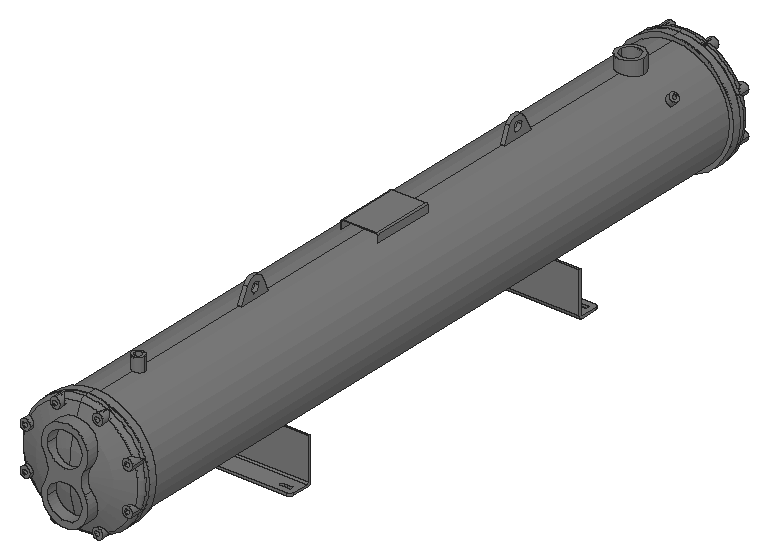
Revit family "MIT-BC_340_4P", category Specialty Equipment, Revit 2022
Family settings
  Round Connector Dimension = Use Radius
  Part Type = Normal
  Work Plane-Based = No
  Always vertical = Yes
  Cut with Voids When Loaded = No
  Maintain Annotation Orientation = No
  Shared = No
  Room Calculation Point = No
Parameters
  URL = "https://en.ekinendustriyel.com/evaporators-and-condensers"
  Test Pressure = 64.35 bar
  Production Standard = "TS EN 13831"
  Operating Pressure = 45.0 bar
  Model = "MIT-BC 340_4P"
  Manufacturer = "Ekin Endüstriyel"
  Keynote = "Condensers"
  Description = "MIT- Condensers"
  Default Elevation = 0 mm
Reference planes
  plane 1 "Center (Front/Back)": y = 0
  plane 2: z = 0
  plane 3 "Center (Left/Right)": x = 0
Forms (mm)
  Extrusion 1, solid, material "Ekin Endustriyel-S235JR", detail levels medium+fine
    sketch origin (0, 0, 0) x (1, 0, 0) y (0, 0, 1)
      loop
        circle (0, 216.5) r 136.55
    from -880 to 880
  Extrusion 2, solid, material "Ekin Endustriyel-S235JR", detail levels fine
    sketch origin (0, 0, 109.887) x (1, 0, 0) y (0, 0, 1)
      loop
        line (-45, 235.88) -> (-44, 235.88) -> (-44, 252.88)
        arc (-44, 252.88) -> (-43.414, 254.294) -> (-42, 254.88) r 2
        line (-42, 254.88) -> (42, 254.88)
        arc (42, 254.88) -> (43.414, 254.294) -> (44, 252.88) r 2
        line (44, 252.88) -> (44, 235.88) -> (45, 235.88) -> (45, 252.88)
        arc (45, 252.88) -> (44.121, 255.002) -> (42, 255.88) r 3
        line (42, 255.88) -> (-42, 255.88)
        arc (-42, 255.88) -> (-44.121, 255.002) -> (-45, 252.88) r 3
        line (-45, 252.88) -> (-45, 235.88)
    from -75 to 75
  Extrusion 3, solid, material "Ekin Endustriyel-S235JR", detail levels fine
    sketch origin (0, 500.19, 28.671) x (1, 0, 0) y (0, 1, 0)
      loop
        circle (0, 249.81) r 32.5
      loop
        circle (0, 249.81) r 23.144
    from 354.329 to 306.293
  Extrusion 4, solid, material "Ekin Endustriyel-S235JR", detail levels fine
    sketch origin (0, -499.666, 25.55) x (1, 0, 0) y (0, 1, 0)
      loop
        circle (0, -250.334) r 15
      loop
        circle (0, -250.334) r 8.928
    from 357.653 to 211.07
  Extrusion 5, solid, material "Ekin Endustriyel-S235JR", detail levels fine
    sketch origin (71.72, 749.856, 264.541) x (0, 1, 0) y (-0.707107, 0, 0.707107)
      loop
        circle (0.144, 16.744) r 11
      loop
        circle (0.144, 16.744) r 6.244
    from 66.816 to -32.02
  Extrusion 6, solid, material "Ekin Endustriyel-S235JR", detail levels fine
    sketch origin (0, -500.291, 0) x (1, 0, 0) y (0, 1, 0)
      loop
        circle (0, -249.709) r 25
      loop
        circle (0, -249.709) r 20.109
    from 50 to 169.15
  Extrusion 7, solid, material "Ekin Endustriyel-S235JR", detail levels coarse
    sketch origin (0, 0, 12.15) x (1, 0, 0) y (0, 0, 1)
      loop
        circle (0, 204.35) r 147.5
    from -953 to 963
  Extrusion 8, solid, material "Ekin Endustriyel-S235JR"
    sketch origin (0, -275.334, 0) x (0, -1, 0) y (0, 0, -1)
      loop
        line (134.666, -9) -> (134.666, -110) -> (139.666, -110) -> (139.666, -9)
        arc (139.666, -9) -> (140.837, -6.172) -> (143.666, -5) r 4
        line (143.666, -5) -> (194.666, -5) -> (194.666, 0) -> (143.666, 0)
        arc (143.666, 0) -> (137.302, -2.636) -> (134.666, -9) r 9
    from -147.5 to 147.5
  Extrusion 9, void
    sketch origin (0, -470, 5) x (0, 1, 0) y (-1, 0, 0)
      loop
        arc (25.25, -111) -> (20, -105.75) -> (14.75, -111) r 5.25
        line (14.75, -111) -> (14.75, -131)
        arc (14.75, -131) -> (20, -136.25) -> (25.25, -131) r 5.25
        line (25.25, -131) -> (25.25, -111)
      loop
        arc (10, -147.5) -> (2.929, -144.571) -> (0, -137.5) r 10
        line (0, -137.5) -> (0, 137.5)
        arc (0, 137.5) -> (2.929, 144.571) -> (10, 147.5) r 10
        line (10, 147.5) -> (-10, 147.5) -> (-10, -147.5) -> (10, -147.5)
      loop
        line (14.75, 131) -> (14.75, 111)
        arc (14.75, 111) -> (20, 105.75) -> (25.25, 111) r 5.25
        line (25.25, 111) -> (25.25, 131)
        arc (25.25, 131) -> (20, 136.25) -> (14.75, 131) r 5.25
    from -5 to 0
  Extrusion 10, solid, material "Ekin Endustriyel-S235JR", detail levels medium+fine
    sketch origin (40, -549.666, 12.133) x (1, 0, 0) y (0, 0, 1)
      loop
        circle (-40, 261.867) r 42.65
      loop
        circle (-40, 146.867) r 42.65
      loop
        arc (7.514, 231.018) -> (-40, 318.517) -> (-87.514, 231.018) r 56.65
        arc (-87.514, 231.018) -> (-80.172, 204.367) -> (-87.514, 177.716) r 52.041
        arc (-87.514, 177.716) -> (-40, 90.217) -> (7.514, 177.716) r 56.65
        arc (7.514, 177.716) -> (0.172, 204.367) -> (7.514, 231.018) r 52.041
    from 390.526 to 423.361
  Extrusion 11, solid, material "Ekin Endustriyel-S235JR", detail levels medium+fine
    sketch origin (0, -549.666, 12.133) x (1, 0, 0) y (0, 0, -1)
      loop
        circle (-51.638, -329.097) r 12.5
      loop
        circle (-51.662, -329.09) r 6.25
      loop
        circle (51.638, -329.097) r 12.5
      loop
        circle (51.662, -329.09) r 6.25
      loop
        circle (-51.638, -79.637) r 12.5
      loop
        circle (-51.662, -79.643) r 6.25
      loop
        circle (51.638, -79.637) r 12.5
      loop
        circle (51.662, -79.643) r 6.25
      loop
        circle (-124.73, -152.728) r 12.5
      loop
        circle (-124.724, -152.704) r 6.25
      loop
        circle (-124.73, -256.005) r 12.5
      loop
        circle (-124.724, -256.029) r 6.25
      loop
        circle (124.73, -152.728) r 12.5
      loop
        circle (124.724, -152.704) r 6.25
      loop
        circle (124.73, -256.005) r 12.5
      loop
        circle (124.724, -256.029) r 6.25
    from -388.334 to -355.334
  Extrusion 12, solid, material "Ekin Endustriyel-S235JR", detail levels fine
    sketch origin (0, -0.334, 79.238) x (0, -1, 0) y (0, 0, -1)
      loop
        line (-440.334, -273.721) -> (-422.806, -309.676)
        arc (-422.806, -309.676) -> (-400.334, -323.721) -> (-377.863, -309.676) r 25
        line (-377.863, -309.676) -> (-360.334, -273.721) -> (-440.334, -273.721)
      loop
        circle (-400.334, -298.721) r 12.5
      loop
        line (439.666, -273.721) -> (359.666, -273.721) -> (377.194, -309.676)
        arc (377.194, -309.676) -> (399.666, -323.721) -> (422.137, -309.676) r 25
        line (422.137, -309.676) -> (439.666, -273.721)
      loop
        circle (399.666, -298.721) r 12.5
    from -5 to 5
  Extrusion 13, solid, material "Ekin Endustriyel-S235JR", detail levels medium+fine
    sketch origin (0, -549.666, 12.133) x (1, 0, 0) y (0, 0, 1)
      loop
        circle (0, 204.367) r 147.5
    from 330.334 to 350.334
  Revolve 14, solid, material "Ekin Endustriyel-S235JR", detail levels medium+fine
    sketch origin (0, -549.666, 12.133) x (0, 1, 0) y (0, 0, 1)
      loop
        line (-350.334, 351.867) -> (-361.403, 351.867)
        arc (-361.403, 351.867) -> (-369.114, 349.693) -> (-374.553, 343.811) r 14.761
        arc (-374.553, 343.811) -> (-399.668, 276.073) -> (-408.463, 204.367) r 310.769
        line (-408.463, 204.367) -> (-350.334, 204.367) -> (-350.334, 351.867)
      axis (-350.334, 204.367) -> (-408.463, 204.367)
    angle from 0 to 360
  Extrusion 15, solid, material "Ekin Endustriyel-S235JR"
    sketch origin (0, 275.334, 0) x (0, 1, 0) y (0, 0, 1)
      loop
        arc (134.666, 9) -> (137.302, 2.636) -> (143.666, 0) r 9
        line (143.666, 0) -> (194.666, 0) -> (194.666, 5) -> (143.666, 5)
        arc (143.666, 5) -> (140.837, 6.172) -> (139.666, 9) r 4
        line (139.666, 9) -> (139.666, 110) -> (134.666, 110) -> (134.666, 9)
    from -147.5 to 147.5
  Extrusion 16, void
    sketch origin (0, 470, 5) x (0, -1, 0) y (1, 0, 0)
      loop
        line (25.25, 111) -> (25.25, 131)
        arc (25.25, 131) -> (20, 136.25) -> (14.75, 131) r 5.25
        line (14.75, 131) -> (14.75, 111)
        arc (14.75, 111) -> (20, 105.75) -> (25.25, 111) r 5.25
      loop
        line (10, 147.5) -> (-10, 147.5) -> (-10, -147.5) -> (10, -147.5)
        arc (10, -147.5) -> (2.929, -144.571) -> (0, -137.5) r 10
        line (0, -137.5) -> (0, 137.5)
        arc (0, 137.5) -> (2.929, 144.571) -> (10, 147.5) r 10
      loop
        arc (14.75, -131) -> (20, -136.25) -> (25.25, -131) r 5.25
        line (25.25, -131) -> (25.25, -111)
        arc (25.25, -111) -> (20, -105.75) -> (14.75, -111) r 5.25
        line (14.75, -111) -> (14.75, -131)
    from -5 to 0
  Extrusion 17, solid, material "Ekin Endustriyel-S235JR", detail levels medium+fine
    sketch origin (0, 549.666, 12.133) x (1, 0, 0) y (0, 0, 1)
      loop
        circle (-51.638, 329.097) r 12.5
      loop
        circle (-51.662, 329.09) r 6.25
      loop
        circle (51.638, 329.097) r 12.5
      loop
        circle (51.662, 329.09) r 6.25
      loop
        circle (-51.638, 79.637) r 12.5
      loop
        circle (-51.662, 79.643) r 6.25
      loop
        circle (51.638, 79.637) r 12.5
      loop
        circle (51.662, 79.643) r 6.25
      loop
        circle (-124.73, 152.728) r 12.5
      loop
        circle (-124.724, 152.704) r 6.25
      loop
        circle (-124.73, 256.005) r 12.5
      loop
        circle (-124.724, 256.029) r 6.25
      loop
        circle (124.73, 152.728) r 12.5
      loop
        circle (124.724, 152.704) r 6.25
      loop
        circle (124.73, 256.005) r 12.5
      loop
        circle (124.724, 256.029) r 6.25
    from -388.334 to -355.334
  Extrusion 18, solid, material "Ekin Endustriyel-S235JR", detail levels medium+fine
    sketch origin (0, 549.666, 12.133) x (1, 0, 0) y (0, 0, -1)
      loop
        circle (0, -204.367) r 147.5
    from 330.334 to 350.334
  Revolve 19, solid, material "Ekin Endustriyel-S235JR", detail levels medium+fine
    sketch origin (0, 549.666, 12.133) x (0, -1, 0) y (0, 0, -1)
      loop
        line (-350.334, -351.867) -> (-350.334, -204.367) -> (-408.463, -204.367)
        arc (-408.463, -204.367) -> (-399.668, -276.073) -> (-374.553, -343.811) r 310.769
        arc (-374.553, -343.811) -> (-369.114, -349.693) -> (-361.403, -351.867) r 14.761
        line (-361.403, -351.867) -> (-350.334, -351.867)
      axis (-350.334, -204.367) -> (-408.463, -204.367)
    angle from 0 to 360
Cuts and joins
  Extrusion 9, Extrusion 16 cuts Extrusion 8
  Extrusion 16 cuts Extrusion 15
Dimensions and locks
  aligned and locked: level to plane 2
Connectors
  piping at (0, -973.026, 274), diameter 76.2
    settings: on Extrusion 10, index 1, connector inside diameter 609.6 mm, connector length 0 mm, flow factor 0, pipe flow 0.0 L/s, pressure drop 0.0 Pa, fitting loss kfactor 0, connector angle 0.00°, fixture units 0, engagement length 0 mm, angle of deflection 0.00°, flow configuration 0, flow direction 1, fitting loss method 0, system type 7, joint type 0, gender type 0, connector reference index -1, connector utility 0, adjustable connector no, is connector primary yes, connector description ""
  piping at (0, -973.026, 159), diameter 76.2
    settings: on Extrusion 10, index 2, connector inside diameter 609.6 mm, connector length 0 mm, flow factor 0, pipe flow 0.0 L/s, pressure drop 0.0 Pa, fitting loss kfactor 0, connector angle 0.00°, fixture units 0, engagement length 0 mm, angle of deflection 0.00°, flow configuration 0, flow direction 2, fitting loss method 0, system type 7, joint type 0, gender type 0, connector reference index -1, connector utility 0, adjustable connector no, is connector primary no, connector description ""
  hvac at (0, 750, 383)
    settings: on Extrusion 3, index 3, duct flow 0.0 L/s, flow factor 0, pres drop 0.0 bar, loss coef 0, conn angle 0.00°, conn width 304.8 mm, conn height 304.8 mm, conn diameter 54 mm, duct sys type 3, conn prof type 0, flow config 0, flow direction 0, loss method 0, conn ref index -1, conn util no, is conn primary yes, conn desc ""
  hvac at (0, -750, 50)
    settings: on Extrusion 6, index 4, duct flow 0.0 L/s, flow factor 0, pres drop 0.0 bar, loss coef 0, conn angle 0.00°, conn width 304.8 mm, conn height 304.8 mm, conn diameter 42 mm, duct sys type 3, conn prof type 0, flow config 0, flow direction 0, loss method 0, conn ref index -1, conn util no, is conn primary no, conn desc ""
